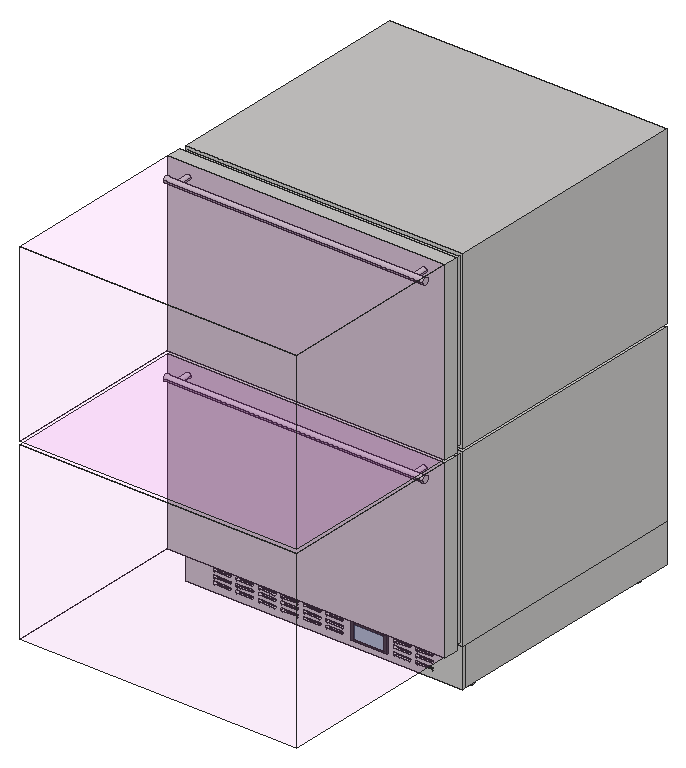
Revit family "QF_Summit_FF642D_Refrigerated Drawer", category Specialty Equipment, Revit 2020
Family settings
  Round Connector Dimension = Use Diameter
  Part Type = Normal
  Work Plane-Based = No
  Always vertical = Yes
  Cut with Voids When Loaded = No
  Shared = No
  Room Calculation Point = No
Parameters
  Weight in Pounds = 106
  Watts = Volts * FL Amps  # 92 W
  Volts = 115 V
  URL Cutsheet = ""
  Specification by User = ""
  Specification by Manufacturer = ""
  Show Door Clearance [instance] = yes
  Serial Number = ""
  Seismic Rating = ""
  SMACNA No = ""
  Revision Code = ""
  Phase = 1
  Number of Poles = 1
  NAFEM Spec ID Number = ""
  Model = "FF642D"
  Min Ckt Ampacity = 0 A
  Max Overcurrent Protection = 0 A
  Masterspec = ""
  Manufacturer = "Summit"
  Length = 23 5/8"
  Item Number = ""
  Installed By = ""
  Identify Quantity as Lot = yes
  Height = 34"
  HP = ""
  Furnished By = ""
  Foodservice Equipment Identifier = yes
  FL Amps = 0.8 A
  Electrical Remarks = ""
  Electric Connection Type = ""
  Elec Conn RI Height = 0"
  Elec Conn Connection Height = 0"
  Description = "Refrigerated Drawer"
  Depth = 23 5/8"
  Default Elevation = 0"
  Cycle = 60 Hz
  Conn Plug = ""
  Conn Conduit = yes
  CSI MasterFormat = ""
  Apparent Power = if(Phase = 3, Volts * FL Amps * 1.73, Volts * FL Amps)  # 92 VA
Reference planes (in)
  plane 1 "BACK": y = 0
  plane 2: z = 0
  plane 3 "LEFT": x = 0
  plane 4 "RIGHT": x = 23.625
  plane 5 "FRONT": y = -23.625
  plane 6 "TOP": z = 34
  plane 7 "Center Y": x = 11.8125
  plane 8 "Center X": y = -11.8125
  plane 9: y = -25
  plane 10: y = -21.75
  plane 11: y = -38.125
  plane 12: z = 19.125
  plane 13: y = -39.375
  plane 14: z = 18.875
  plane 15: z = 4
  plane 16: z = 0.75
Forms (in)
  Extrusion 1, solid, material "QF_Metal_Stainless_Polished"
    sketch origin (-2.86665, -180, 3.125) x (-1, 0, 0) y (0, -1, 0)
      loop
        line (-2.86665, -180) -> (-2.86665, -158.25) -> (-26.49165, -158.25) -> (-26.49165, -180) -> (-2.86665, -180)
    from 0.875 to 15.75
  Extrusion 2, solid, material "QF_Metal_Stainless_Polished"
    sketch origin (-3.88911, -21.875, 49.125) x (-1, 0, 0) y (0, 0, 1)
      loop
        line (-3.88911, -30.25) -> (-27.51411, -30.25) -> (-27.51411, -45.125) -> (-3.88911, -45.125) -> (-3.88911, -30.25)
    from -0.5 to -1.75
  Extrusion 3, solid, material "QF_Metal_Stainless_Polished"
    sketch origin (-3.88911, -22.375, 49.125) x (-1, 0, 0) y (0, 0, 1)
      loop
        line (-4.13911, -44.875) -> (-4.13911, -30.5) -> (-27.26411, -30.5) -> (-27.26411, -44.875) -> (-4.13911, -44.875)
    from 0 to 0.625
  Extrusion 4, solid, material "QF_Metal_Stainless_Polished"
    sketch origin (-3.88911, -23.625, 49.125) x (1, 0, 0) y (0, 0, 1)
      loop
        circle (5.63911, -31.25) r 0.20266
      loop
        circle (25.76411, -31.25) r 0.20266
    from 0 to 1.25652
  Extrusion 5, solid, material "QF_Metal_Stainless_Polished"
    sketch origin (0.75, -48.5863, 54.7271) x (0, -1, 0) y (0, 0, 1)
      loop
        circle (-23.8363, -36.8521) r 0.25
    from 0 to -22.125
  Extrusion 6, solid, material "QF_Metal_Stainless_Polished"
    sketch origin (15.02063, 0, 0.03626) x (1, 0, 0) y (0, 0, -1)
      loop
        circle (2.9375, -2.32704) r 0.25
    from 0 to 0.0625
  Extrusion 7, solid, material "QF_Clearances_Door_Drawer", visible <- "Show Door Clearance"
    sketch origin (-3.88911, -23.625, 49.125) x (1, 0, 0) y (0, 0, 1)
      loop
        line (3.88911, -30.25) -> (3.88911, -45.125) -> (27.51411, -45.125) -> (27.51411, -30.25) -> (3.88911, -30.25)
    from 0 to 15.75
  Extrusion 8, solid, material "QF_Metal_Stainless_Polished"
    sketch origin (0, 0, 1.125) x (1, 0, 0) y (0, 0, 1)
      loop
        line (0, 2.875) -> (0, -0.375) -> (23.625, -0.375) -> (23.625, 2.875) -> (0, 2.875)
    from 0 to 21.5
  Extrusion 9, solid, material "QF_Metal_Stainless_Polished"
    sketch origin (-3.88911, -21.75, 49.125) x (-1, 0, 0) y (0, 0, 1)
      loop
        line (-3.88911, -45.125) -> (-27.51411, -45.125) -> (-27.51411, -48.375) -> (-3.88911, -48.375) -> (-3.88911, -45.125)
      loop
        line (-14.11659, -45.50161) -> (-15.36992, -45.50161)
        arc (-15.36992, -45.50161) -> (-15.51831, -45.64999) -> (-15.36992, -45.79838) r 0.14838
        line (-15.36992, -45.79838) -> (-14.11659, -45.79838)
        arc (-14.11659, -45.79838) -> (-13.96821, -45.64999) -> (-14.11659, -45.50161) r 0.14838
      loop
        line (-14.11659, -46.00161) -> (-15.36992, -46.00161)
        arc (-15.36992, -46.00161) -> (-15.51831, -46.14999) -> (-15.36992, -46.29838) r 0.14838
        line (-15.36992, -46.29838) -> (-14.11659, -46.29838)
        arc (-14.11659, -46.29838) -> (-13.96821, -46.14999) -> (-14.11659, -46.00161) r 0.14838
      loop
        line (-14.11659, -46.50161) -> (-15.36992, -46.50161)
        arc (-15.36992, -46.50161) -> (-15.51831, -46.64999) -> (-15.36992, -46.79838) r 0.14838
        line (-15.36992, -46.79838) -> (-14.11659, -46.79838)
        arc (-14.11659, -46.79838) -> (-13.96821, -46.64999) -> (-14.11659, -46.50161) r 0.14838
      loop
        line (-14.11659, -47.00161) -> (-15.36992, -47.00161)
        arc (-15.36992, -47.00161) -> (-15.51831, -47.14999) -> (-15.36992, -47.29838) r 0.14838
        line (-15.36992, -47.29838) -> (-14.11659, -47.29838)
        arc (-14.11659, -47.29838) -> (-13.96821, -47.14999) -> (-14.11659, -47.00161) r 0.14838
      loop
        line (-14.11659, -47.50161) -> (-15.36992, -47.50161)
        arc (-15.36992, -47.50161) -> (-15.51831, -47.64999) -> (-15.36992, -47.79838) r 0.14838
        line (-15.36992, -47.79838) -> (-14.11659, -47.79838)
        arc (-14.11659, -47.79838) -> (-13.96821, -47.64999) -> (-14.11659, -47.50161) r 0.14838
      loop
        line (-12.19988, -45.50161) -> (-13.45322, -45.50161)
        arc (-13.45322, -45.50161) -> (-13.6016, -45.64999) -> (-13.45322, -45.79838) r 0.14838
        line (-13.45322, -45.79838) -> (-12.19988, -45.79838)
        arc (-12.19988, -45.79838) -> (-12.0515, -45.64999) -> (-12.19988, -45.50161) r 0.14838
      loop
        line (-12.19988, -46.00161) -> (-13.45322, -46.00161)
        arc (-13.45322, -46.00161) -> (-13.6016, -46.14999) -> (-13.45322, -46.29838) r 0.14838
        line (-13.45322, -46.29838) -> (-12.19988, -46.29838)
        arc (-12.19988, -46.29838) -> (-12.0515, -46.14999) -> (-12.19988, -46.00161) r 0.14838
      loop
        line (-12.19988, -46.50161) -> (-13.45322, -46.50161)
        arc (-13.45322, -46.50161) -> (-13.6016, -46.64999) -> (-13.45322, -46.79838) r 0.14838
        line (-13.45322, -46.79838) -> (-12.19988, -46.79838)
        arc (-12.19988, -46.79838) -> (-12.0515, -46.64999) -> (-12.19988, -46.50161) r 0.14838
      loop
        line (-12.19988, -47.00161) -> (-13.45322, -47.00161)
        arc (-13.45322, -47.00161) -> (-13.6016, -47.14999) -> (-13.45322, -47.29838) r 0.14838
        line (-13.45322, -47.29838) -> (-12.19988, -47.29838)
        arc (-12.19988, -47.29838) -> (-12.0515, -47.14999) -> (-12.19988, -47.00161) r 0.14838
      loop
        line (-12.19988, -47.50161) -> (-13.45322, -47.50161)
        arc (-13.45322, -47.50161) -> (-13.6016, -47.64999) -> (-13.45322, -47.79838) r 0.14838
        line (-13.45322, -47.79838) -> (-12.19988, -47.79838)
        arc (-12.19988, -47.79838) -> (-12.0515, -47.64999) -> (-12.19988, -47.50161) r 0.14838
      loop
        line (-10.28318, -45.50161) -> (-11.53651, -45.50161)
        arc (-11.53651, -45.50161) -> (-11.68489, -45.64999) -> (-11.53651, -45.79838) r 0.14838
        line (-11.53651, -45.79838) -> (-10.28318, -45.79838)
        arc (-10.28318, -45.79838) -> (-10.13479, -45.64999) -> (-10.28318, -45.50161) r 0.14838
      loop
        line (-10.28318, -46.00161) -> (-11.53651, -46.00161)
        arc (-11.53651, -46.00161) -> (-11.68489, -46.14999) -> (-11.53651, -46.29838) r 0.14838
        line (-11.53651, -46.29838) -> (-10.28318, -46.29838)
        arc (-10.28318, -46.29838) -> (-10.13479, -46.14999) -> (-10.28318, -46.00161) r 0.14838
      loop
        line (-10.28318, -46.50161) -> (-11.53651, -46.50161)
        arc (-11.53651, -46.50161) -> (-11.68489, -46.64999) -> (-11.53651, -46.79838) r 0.14838
        line (-11.53651, -46.79838) -> (-10.28318, -46.79838)
        arc (-10.28318, -46.79838) -> (-10.13479, -46.64999) -> (-10.28318, -46.50161) r 0.14838
      loop
        line (-10.28318, -47.00161) -> (-11.53651, -47.00161)
        arc (-11.53651, -47.00161) -> (-11.68489, -47.14999) -> (-11.53651, -47.29838) r 0.14838
        line (-11.53651, -47.29838) -> (-10.28318, -47.29838)
        arc (-10.28318, -47.29838) -> (-10.13479, -47.14999) -> (-10.28318, -47.00161) r 0.14838
      loop
        line (-10.28318, -47.50161) -> (-11.53651, -47.50161)
        arc (-11.53651, -47.50161) -> (-11.68489, -47.64999) -> (-11.53651, -47.79838) r 0.14838
        line (-11.53651, -47.79838) -> (-10.28318, -47.79838)
        arc (-10.28318, -47.79838) -> (-10.13479, -47.64999) -> (-10.28318, -47.50161) r 0.14838
      loop
        line (-8.36647, -45.50161) -> (-9.6198, -45.50161)
        arc (-9.6198, -45.50161) -> (-9.76819, -45.64999) -> (-9.6198, -45.79838) r 0.14838
        line (-9.6198, -45.79838) -> (-8.36647, -45.79838)
        arc (-8.36647, -45.79838) -> (-8.21809, -45.64999) -> (-8.36647, -45.50161) r 0.14838
      loop
        line (-8.36647, -46.00161) -> (-9.6198, -46.00161)
        arc (-9.6198, -46.00161) -> (-9.76819, -46.14999) -> (-9.6198, -46.29838) r 0.14838
        line (-9.6198, -46.29838) -> (-8.36647, -46.29838)
        arc (-8.36647, -46.29838) -> (-8.21809, -46.14999) -> (-8.36647, -46.00161) r 0.14838
      loop
        line (-8.36647, -46.50161) -> (-9.6198, -46.50161)
        arc (-9.6198, -46.50161) -> (-9.76819, -46.64999) -> (-9.6198, -46.79838) r 0.14838
        line (-9.6198, -46.79838) -> (-8.36647, -46.79838)
        arc (-8.36647, -46.79838) -> (-8.21809, -46.64999) -> (-8.36647, -46.50161) r 0.14838
      loop
        line (-8.36647, -47.00161) -> (-9.6198, -47.00161)
        arc (-9.6198, -47.00161) -> (-9.76819, -47.14999) -> (-9.6198, -47.29838) r 0.14838
        line (-9.6198, -47.29838) -> (-8.36647, -47.29838)
        arc (-8.36647, -47.29838) -> (-8.21809, -47.14999) -> (-8.36647, -47.00161) r 0.14838
      loop
        line (-8.36647, -47.50161) -> (-9.6198, -47.50161)
        arc (-9.6198, -47.50161) -> (-9.76819, -47.64999) -> (-9.6198, -47.79838) r 0.14838
        line (-9.6198, -47.79838) -> (-8.36647, -47.79838)
        arc (-8.36647, -47.79838) -> (-8.21809, -47.64999) -> (-8.36647, -47.50161) r 0.14838
      loop
        line (-6.44977, -45.50161) -> (-7.7031, -45.50161)
        arc (-7.7031, -45.50161) -> (-7.85148, -45.64999) -> (-7.7031, -45.79838) r 0.14838
        line (-7.7031, -45.79838) -> (-6.44977, -45.79838)
        arc (-6.44977, -45.79838) -> (-6.30138, -45.64999) -> (-6.44977, -45.50161) r 0.14838
      loop
        line (-6.44977, -46.00161) -> (-7.7031, -46.00161)
        arc (-7.7031, -46.00161) -> (-7.85148, -46.14999) -> (-7.7031, -46.29838) r 0.14838
        line (-7.7031, -46.29838) -> (-6.44977, -46.29838)
        arc (-6.44977, -46.29838) -> (-6.30138, -46.14999) -> (-6.44977, -46.00161) r 0.14838
      loop
        line (-6.44977, -46.50161) -> (-7.7031, -46.50161)
        arc (-7.7031, -46.50161) -> (-7.85148, -46.64999) -> (-7.7031, -46.79838) r 0.14838
        line (-7.7031, -46.79838) -> (-6.44977, -46.79838)
        arc (-6.44977, -46.79838) -> (-6.30138, -46.64999) -> (-6.44977, -46.50161) r 0.14838
      loop
        line (-6.44977, -47.00161) -> (-7.7031, -47.00161)
        arc (-7.7031, -47.00161) -> (-7.85148, -47.14999) -> (-7.7031, -47.29838) r 0.14838
        line (-7.7031, -47.29838) -> (-6.44977, -47.29838)
        arc (-6.44977, -47.29838) -> (-6.30138, -47.14999) -> (-6.44977, -47.00161) r 0.14838
      loop
        line (-6.44977, -47.50161) -> (-7.7031, -47.50161)
        arc (-7.7031, -47.50161) -> (-7.85148, -47.64999) -> (-7.7031, -47.79838) r 0.14838
        line (-7.7031, -47.79838) -> (-6.44977, -47.79838)
        arc (-6.44977, -47.79838) -> (-6.30138, -47.64999) -> (-6.44977, -47.50161) r 0.14838
      loop
        arc (-23.03675, -45.50161) -> (-23.18513, -45.64999) -> (-23.03675, -45.79838) r 0.14838
        line (-23.03675, -45.79838) -> (-21.78342, -45.79838)
        arc (-21.78342, -45.79838) -> (-21.63503, -45.64999) -> (-21.78342, -45.50161) r 0.14838
        line (-21.78342, -45.50161) -> (-23.03675, -45.50161)
      loop
        arc (-23.03675, -46.00161) -> (-23.18513, -46.14999) -> (-23.03675, -46.29838) r 0.14838
        line (-23.03675, -46.29838) -> (-21.78342, -46.29838)
        arc (-21.78342, -46.29838) -> (-21.63503, -46.14999) -> (-21.78342, -46.00161) r 0.14838
        line (-21.78342, -46.00161) -> (-23.03675, -46.00161)
      loop
        arc (-23.03675, -46.50161) -> (-23.18513, -46.64999) -> (-23.03675, -46.79838) r 0.14838
        line (-23.03675, -46.79838) -> (-21.78342, -46.79838)
        arc (-21.78342, -46.79838) -> (-21.63503, -46.64999) -> (-21.78342, -46.50161) r 0.14838
        line (-21.78342, -46.50161) -> (-23.03675, -46.50161)
      loop
        arc (-23.03675, -47.00161) -> (-23.18513, -47.14999) -> (-23.03675, -47.29838) r 0.14838
        line (-23.03675, -47.29838) -> (-21.78342, -47.29838)
        arc (-21.78342, -47.29838) -> (-21.63503, -47.14999) -> (-21.78342, -47.00161) r 0.14838
        line (-21.78342, -47.00161) -> (-23.03675, -47.00161)
      loop
        arc (-23.03675, -47.50161) -> (-23.18513, -47.64999) -> (-23.03675, -47.79838) r 0.14838
        line (-23.03675, -47.79838) -> (-21.78342, -47.79838)
        arc (-21.78342, -47.79838) -> (-21.63503, -47.64999) -> (-21.78342, -47.50161) r 0.14838
        line (-21.78342, -47.50161) -> (-23.03675, -47.50161)
      loop
        arc (-24.95345, -45.50161) -> (-25.10184, -45.64999) -> (-24.95345, -45.79838) r 0.14838
        line (-24.95345, -45.79838) -> (-23.70012, -45.79838)
        arc (-23.70012, -45.79838) -> (-23.55174, -45.64999) -> (-23.70012, -45.50161) r 0.14838
        line (-23.70012, -45.50161) -> (-24.95345, -45.50161)
      loop
        arc (-24.95345, -46.00161) -> (-25.10184, -46.14999) -> (-24.95345, -46.29838) r 0.14838
        line (-24.95345, -46.29838) -> (-23.70012, -46.29838)
        arc (-23.70012, -46.29838) -> (-23.55174, -46.14999) -> (-23.70012, -46.00161) r 0.14838
        line (-23.70012, -46.00161) -> (-24.95345, -46.00161)
      loop
        arc (-24.95345, -46.50161) -> (-25.10184, -46.64999) -> (-24.95345, -46.79838) r 0.14838
        line (-24.95345, -46.79838) -> (-23.70012, -46.79838)
        arc (-23.70012, -46.79838) -> (-23.55174, -46.64999) -> (-23.70012, -46.50161) r 0.14838
        line (-23.70012, -46.50161) -> (-24.95345, -46.50161)
      loop
        arc (-24.95345, -47.00161) -> (-25.10184, -47.14999) -> (-24.95345, -47.29838) r 0.14838
        line (-24.95345, -47.29838) -> (-23.70012, -47.29838)
        arc (-23.70012, -47.29838) -> (-23.55174, -47.14999) -> (-23.70012, -47.00161) r 0.14838
        line (-23.70012, -47.00161) -> (-24.95345, -47.00161)
      loop
        arc (-24.95345, -47.50161) -> (-25.10184, -47.64999) -> (-24.95345, -47.79838) r 0.14838
        line (-24.95345, -47.79838) -> (-23.70012, -47.79838)
        arc (-23.70012, -47.79838) -> (-23.55174, -47.64999) -> (-23.70012, -47.50161) r 0.14838
        line (-23.70012, -47.50161) -> (-24.95345, -47.50161)
      loop
        arc (-17.28663, -45.50161) -> (-17.43501, -45.64999) -> (-17.28663, -45.79838) r 0.14838
        line (-17.28663, -45.79838) -> (-16.0333, -45.79838)
        arc (-16.0333, -45.79838) -> (-15.88491, -45.64999) -> (-16.0333, -45.50161) r 0.14838
        line (-16.0333, -45.50161) -> (-17.28663, -45.50161)
      loop
        arc (-17.28663, -46.00161) -> (-17.43501, -46.14999) -> (-17.28663, -46.29838) r 0.14838
        line (-17.28663, -46.29838) -> (-16.0333, -46.29838)
        arc (-16.0333, -46.29838) -> (-15.88491, -46.14999) -> (-16.0333, -46.00161) r 0.14838
        line (-16.0333, -46.00161) -> (-17.28663, -46.00161)
      loop
        arc (-17.28663, -46.50161) -> (-17.43501, -46.64999) -> (-17.28663, -46.79838) r 0.14838
        line (-17.28663, -46.79838) -> (-16.0333, -46.79838)
        arc (-16.0333, -46.79838) -> (-15.88491, -46.64999) -> (-16.0333, -46.50161) r 0.14838
        line (-16.0333, -46.50161) -> (-17.28663, -46.50161)
      loop
        arc (-17.28663, -47.00161) -> (-17.43501, -47.14999) -> (-17.28663, -47.29838) r 0.14838
        line (-17.28663, -47.29838) -> (-16.0333, -47.29838)
        arc (-16.0333, -47.29838) -> (-15.88491, -47.14999) -> (-16.0333, -47.00161) r 0.14838
        line (-16.0333, -47.00161) -> (-17.28663, -47.00161)
      loop
        arc (-17.28663, -47.50161) -> (-17.43501, -47.64999) -> (-17.28663, -47.79838) r 0.14838
        line (-17.28663, -47.79838) -> (-16.0333, -47.79838)
        arc (-16.0333, -47.79838) -> (-15.88491, -47.64999) -> (-16.0333, -47.50161) r 0.14838
        line (-16.0333, -47.50161) -> (-17.28663, -47.50161)
    from 0 to 0.25
  Revolve 10, solid, material "QF_Metal_Stainless_Polished"
    sketch origin (0, -2, 0.25) x (1, 0, 0) y (0, 0, 1)
      loop
        line (0.75, -0.25) -> (1.5, -0.25) -> (1.5, 0.5) -> (1.25, 0.5) -> (1.25, 0.25) -> (0.75, 0.25) -> (0.75, -0.25)
      axis (1.5, 0.5) -> (1.5, -0.25)
    angle from 0 to 360
  Revolve 11, solid, material "QF_Metal_Stainless_Polished"
    sketch origin (0, -19.75, 0) x (1, 0, 0) y (0, 0, 1)
      loop
        line (0.75, 0) -> (1.5, 0) -> (1.5, 0.75) -> (1.25, 0.75) -> (1.25, 0.5) -> (0.75, 0.5) -> (0.75, 0)
      axis (1.5, 0.75) -> (1.5, 0)
    angle from 0 to 360
  Revolve 12, solid, material "QF_Metal_Stainless_Polished"
    sketch origin (23.625, -2, 0.25) x (-1, 0, 0) y (0, 0, -1)
      loop
        line (0.75, 0.25) -> (0.75, -0.25) -> (1.25, -0.25) -> (1.25, -0.5) -> (1.5, -0.5) -> (1.5, 0.25) -> (0.75, 0.25)
      axis (1.5, -0.5) -> (1.5, 0.25)
    angle from 0 to 360
  Revolve 13, solid, material "QF_Metal_Stainless_Polished"
    sketch origin (23.625, -19.75, 0) x (-1, 0, 0) y (0, 0, -1)
      loop
        line (0.75, 0) -> (0.75, -0.5) -> (1.25, -0.5) -> (1.25, -0.75) -> (1.5, -0.75) -> (1.5, 0) -> (0.75, 0)
      axis (1.5, -0.75) -> (1.5, 0)
    angle from 0 to 360
  Extrusion 14, solid, material "QF_Metallic_Paint_Black_Smooth"
    sketch origin (-3.88911, -21.75, 49.125) x (1, 0, 0) y (0, 0, 1)
      loop
        line (18.02034, -46.47749) -> (18.02034, -47.91469) -> (21.11945, -47.91469) -> (21.11945, -46.47749) -> (18.02034, -46.47749)
      loop
        line (18.27034, -47.78969) -> (20.86945, -47.78969) -> (20.86945, -46.60249) -> (18.27034, -46.60249) -> (18.27034, -47.78969)
    from 0 to 0.03125
  Extrusion 15, solid, material "Glass"
    sketch origin (-3.88911, -21.75, 49.125) x (1, 0, 0) y (0, 0, 1)
      loop
        line (18.27034, -46.60249) -> (18.27034, -47.78969) -> (20.86945, -47.78969) -> (20.86945, -46.60249) -> (18.27034, -46.60249)
    from 0 to 0.03125
  Extrusion 16, solid, material "QF_Metal_Stainless_Polished"
    sketch origin (-2.86665, -180, 18.25) x (-1, 0, 0) y (0, -1, 0)
      loop
        line (-2.86665, -180) -> (-2.86665, -158.25) -> (-26.49165, -158.25) -> (-26.49165, -180) -> (-2.86665, -180)
    from 0.875 to 15.75
  Extrusion 17, solid, material "QF_Metal_Stainless_Polished"
    sketch origin (-3.88911, -21.875, 64.25) x (-1, 0, 0) y (0, 0, 1)
      loop
        line (-3.88911, -30.25) -> (-27.51411, -30.25) -> (-27.51411, -45.125) -> (-3.88911, -45.125) -> (-3.88911, -30.25)
    from -0.5 to -1.75
  Extrusion 18, solid, material "QF_Metal_Stainless_Polished"
    sketch origin (-3.88911, -22.375, 64.25) x (-1, 0, 0) y (0, 0, 1)
      loop
        line (-4.13911, -44.875) -> (-4.13911, -30.5) -> (-27.26411, -30.5) -> (-27.26411, -44.875) -> (-4.13911, -44.875)
    from 0 to 0.625
  Extrusion 19, solid, material "QF_Metal_Stainless_Polished"
    sketch origin (-3.88911, -23.625, 64.25) x (1, 0, 0) y (0, 0, 1)
      loop
        circle (5.63911, -31.25) r 0.20266
      loop
        circle (25.76411, -31.25) r 0.20266
    from 0 to 1.25652
  Extrusion 20, solid, material "QF_Metal_Stainless_Polished"
    sketch origin (0.75, -48.5863, 69.8521) x (0, -1, 0) y (0, 0, 1)
      loop
        circle (-23.8363, -36.8521) r 0.25
    from 0 to -22.125
  Extrusion 21, solid, material "QF_Clearances_Door_Drawer", visible <- "Show Door Clearance"
    sketch origin (-3.88911, -23.625, 64.25) x (1, 0, 0) y (0, 0, 1)
      loop
        line (3.88911, -30.25) -> (3.88911, -45.125) -> (27.51411, -45.125) -> (27.51411, -30.25) -> (3.88911, -30.25)
    from 0 to 15.75
  Extrusion 22, solid, material "QF_Metal_Stainless_Polished"
    sketch origin (-7.96195, -180, 18.875) x (-1, 0, 0) y (0, -1, 0)
      loop
        circle (-9.46195, -178) r 0.75
      loop
        circle (-9.46195, -160.25) r 0.75
      loop
        circle (-30.08695, -178) r 0.75
      loop
        circle (-30.08695, -160.25) r 0.75
    from 0 to 0.25
Cuts and joins
  joined: Extrusion 19, Extrusion 20
  joined: Extrusion 4, Extrusion 5
Lines and regions (in)
  symbolic lines
    curve 1: line (0.75, -25, 0) -> (22.875, -25, 0)
    curve 2: line (22.875, -25, 0) -> (22.875, -24.5, 0)
    curve 3: line (22.875, -24.5, 0) -> (22.07766, -24.5, 0)
    curve 4: line (0.75, -24.5, 0) -> (0.75, -25, 0)
    curve 5: line (1.54734, -23.625, 0) -> (1.54734, -24.5, 0)
    curve 6: line (1.95266, -23.625, 0) -> (1.95266, -24.5, 0)
    curve 7: line (1.54734, -24.5, 0) -> (0.75, -24.5, 0)
    curve 8: arc (1.54734, -24.5, 0) -> (1.75, -24.60349, 0) -> (1.95266, -24.5, 0) r 0.25017
    curve 9: line (21.67234, -23.625, 0) -> (21.67234, -24.5, 0)
    curve 10: line (22.07766, -23.625, 0) -> (22.07766, -24.5, 0)
    curve 11: arc (21.67234, -24.5, 0) -> (21.875, -24.60349, 0) -> (22.07766, -24.5, 0) r 0.25017
    curve 12: line (21.67234, -24.5, 0) -> (1.95266, -24.5, 0)
    curve 13: line (0, -23.625, 0) -> (23.625, -23.625, 0)
    curve 14: line (23.625, -23.625, 0) -> (23.625, -22.375, 0)
    curve 15: line (23.625, -22.375, 0) -> (0, -22.375, 0)
    curve 16: line (0, -22.375, 0) -> (0, -23.625, 0)
    curve 17: line (0.25, -22.375, 0) -> (0.25, -21.75, 0)
    curve 18: line (23.375, -22.375, 0) -> (23.375, -21.75, 0)
    curve 19: line (23.625, -21.75, 0) -> (0, -21.75, 0)
    curve 20: line (23.625, 0, 0) -> (23.625, -21.75, 0)
    curve 21: line (0, 0, 0) -> (23.625, 0, 0)
    curve 22: line (0, -21.75, 0) -> (0, 0, 0)
  symbolic lines, style "QF_Clearances_Door_Drawer", visible <- "Show Door Clearance"
    curve 23: line (0, -23.625, 0) -> (0, -39.375, 0)
    curve 24: line (0, -39.375, 0) -> (23.625, -39.375, 0)
    curve 25: line (23.625, -39.375, 0) -> (23.625, -23.625, 0)
Dimensions and locks (in)
  equal spacing: plane 3 "LEFT", plane 7 "Center Y", plane 4 "RIGHT"
  "Length": plane 3 "LEFT" to plane 4 "RIGHT"
  equal spacing: plane 5 "FRONT", plane 8 "Center X", plane 1 "BACK"
  "Depth": plane 5 "FRONT" to plane 1 "BACK"
  "Height": plane 6 "TOP" to level
  plane 5 "FRONT" to plane 9 = 1 3/8"
  plane 1 "BACK" to plane 10 = 21 3/4"
  plane 6 "TOP" to plane 12 = 14 7/8"
  plane 13 to plane 1 "BACK" = 39 3/8"
  plane 10 to plane 11 = 16 3/8"
  plane 16 to plane 2 = 3/4"
  plane 15 to plane 16 = 3 1/4"
  plane 14 to plane 15 = 14 7/8"
  aligned and locked: level to plane 2
Automatic sketch dimensions
  plane 1 "BACK" to Extrusion 1 sketch curve = 0"
  Extrusion 1 sketch curve to plane 4 "RIGHT" = 0"
  Extrusion 1 sketch curve to plane 3 "LEFT" = 0"
  Extrusion 1 sketch curve to plane 10 = 0"
  plane 4 "RIGHT" to Extrusion 2 sketch curve = 0"
  Extrusion 2 sketch curve to plane 3 "LEFT" = 0"
  Extrusion 2 sketch curve to plane 15 = 0"
  Extrusion 2 sketch curve to plane 14 = 0"
  Extrusion 3 sketch curve to Extrusion 2 = 1/4"  (x4)
  Extrusion 4 sketch curve to Extrusion 2 = 1 3/4"  (x2)
  Extrusion 4 sketch curve to Extrusion 2 = 1"  (x2)
  plane 9 to Extrusion 5 sketch curve = 1/4"
  Extrusion 5 sketch curve to plane 14 = 1"
  plane 16 to Extrusion 6 sketch curve = 1 157/256"
  plane 4 "RIGHT" to Extrusion 6 sketch curve = 5.66687"
  Extrusion 2 to Extrusion 7 sketch curve = 0"
  Extrusion 7 sketch curve to Extrusion 2 = 0"  (x3)
  Extrusion 8 sketch curve to plane 3 "LEFT" = 0"
  plane 4 "RIGHT" to Extrusion 8 sketch curve = 0"
  Extrusion 8 sketch curve to plane 16 = 0"
  Extrusion 8 sketch curve to plane 15 = 0"
  plane 4 "RIGHT" to Extrusion 9 sketch curve = 0"
  Extrusion 9 sketch curve to plane 3 "LEFT" = 0"
  Extrusion 9 sketch curve to plane 16 = 0"
  Extrusion 9 sketch curve to plane 15 = 0"
  Extrusion 9 sketch curve to plane 15 = 0.52499"
  plane 4 "RIGHT" to Extrusion 9 sketch curve = 2.56066"
  plane 16 to Extrusion 9 sketch curve = 0.72501"  (x2)
  Extrusion 9 sketch curve to Extrusion 9 sketch curve = 0"  (x55)
  Extrusion 9 sketch curve to Extrusion 9 sketch curve = 1.25333"  (x7)
  Extrusion 9 sketch curve to plane 15 = 0.37661"  (x4)
  Extrusion 9 sketch curve to Extrusion 9 sketch curve = 0.66338"  (x8)
  plane 7 "Center Y" to Extrusion 9 sketch curve = 1.58502"  (x2)
  plane 7 "Center Y" to Extrusion 9 sketch curve = 0.33169"  (x3)
  Extrusion 9 sketch curve to plane 7 "Center Y" = 0.33169"  (x4)
  Extrusion 9 sketch curve to plane 15 = 0.67338"
  Extrusion 9 sketch curve to Extrusion 9 sketch curve = 0.14838"  (x36)
  plane 16 to Extrusion 9 sketch curve = 0.57662"  (x6)
  Extrusion 9 sketch curve to Extrusion 9 sketch curve = 0.20323"  (x30)
  Revolve 10 sketch curve to level = 0"
  Revolve 10 sketch curve to plane 16 = 0"
  Revolve 10 sketch curve to plane 16 = 1/4"
  plane 3 "LEFT" to Revolve 10 sketch curve = 3/4"
  Revolve 10 sketch curve to Revolve 10 sketch curve = 1/2"
  Revolve 10 sketch curve to Revolve 10 sketch curve = 1/4"
  Revolve 10 sketch curve to Revolve 10 sketch curve = 0"
  Revolve 10 sketch curve to level = 0.46349"
  Revolve 10 sketch curve to Revolve 10 sketch curve = 0.03651"
  Revolve 11 sketch curve to level = 0"  (x2)
  Revolve 11 sketch curve to plane 16 = 0"
  Revolve 11 sketch curve to plane 16 = 1/4"
  plane 3 "LEFT" to Revolve 11 sketch curve = 3/4"
  Revolve 11 sketch curve to Revolve 11 sketch curve = 1/2"
  Revolve 11 sketch curve to Revolve 11 sketch curve = 1/4"
  Revolve 11 sketch curve to Revolve 11 sketch curve = 0"
  Revolve 11 sketch curve to level = 1/2"
  Revolve 12 sketch curve to level = 0"
  Revolve 12 sketch curve to plane 16 = 0"
  Revolve 12 sketch curve to plane 16 = 1/4"
  plane 4 "RIGHT" to Revolve 12 sketch curve = 3/4"
  Revolve 12 sketch curve to Revolve 12 sketch curve = 1/2"
  Revolve 12 sketch curve to Revolve 12 sketch curve = 1/4"
  Revolve 12 sketch curve to Revolve 12 sketch curve = 0"
  Revolve 12 sketch curve to Revolve 12 sketch curve = 0.03651"
  Revolve 12 sketch curve to level = 0.46349"
  Revolve 13 sketch curve to level = 0"  (x2)
  Revolve 13 sketch curve to plane 16 = 0"
  Revolve 13 sketch curve to plane 16 = 1/4"
  plane 4 "RIGHT" to Revolve 13 sketch curve = 3/4"
  Revolve 13 sketch curve to Revolve 13 sketch curve = 1/2"  (x2)
  Revolve 13 sketch curve to Revolve 13 sketch curve = 1/4"
  Revolve 13 sketch curve to Revolve 13 sketch curve = 0"
  Extrusion 14 sketch curve to Extrusion 9 = 0.11632"
  Extrusion 14 sketch curve to Extrusion 9 = 9.49377"
  Extrusion 9 to Extrusion 14 sketch curve = 0.10088"
  Extrusion 14 sketch curve to Extrusion 14 sketch curve = 1/4"  (x2)
  Extrusion 9 to Extrusion 14 sketch curve = 0.00868"
  Extrusion 14 sketch curve to Extrusion 14 sketch curve = 2.5991"
  Extrusion 14 sketch curve to Extrusion 9 = 0.02412"
  Extrusion 9 to Extrusion 15 sketch curve = 0.00868"
  Extrusion 15 sketch curve to Extrusion 9 = 9.24377"
  Extrusion 15 sketch curve to Extrusion 15 sketch curve = 2.5991"
  Extrusion 9 to Extrusion 15 sketch curve = 0.10088"
  plane 1 "BACK" to Extrusion 16 sketch curve = 0"
  Extrusion 16 sketch curve to plane 4 "RIGHT" = 0"
  Extrusion 16 sketch curve to plane 3 "LEFT" = 0"
  Extrusion 16 sketch curve to plane 10 = 0"
  plane 4 "RIGHT" to Extrusion 17 sketch curve = 0"
  Extrusion 17 sketch curve to plane 3 "LEFT" = 0"
  Extrusion 17 sketch curve to plane 12 = 0"
  Extrusion 17 sketch curve to plane 6 "TOP" = 0"
  Extrusion 18 sketch curve to Extrusion 17 = 1/4"  (x4)
  Extrusion 19 sketch curve to Extrusion 17 = 1 3/4"  (x2)
  Extrusion 19 sketch curve to Extrusion 17 = 1"  (x2)
  plane 9 to Extrusion 20 sketch curve = 1/4"
  Extrusion 20 sketch curve to plane 6 "TOP" = 1"
  Extrusion 17 to Extrusion 21 sketch curve = 0"
  Extrusion 21 sketch curve to Extrusion 17 = 0"  (x3)
  plane 4 "RIGHT" to Extrusion 22 sketch curve = 1 1/2"  (x2)
  plane 3 "LEFT" to Extrusion 22 sketch curve = 1 1/2"  (x2)
  plane 1 "BACK" to Extrusion 22 sketch curve = 2"  (x2)
  plane 10 to Extrusion 22 sketch curve = 2"  (x2)
  curve 13 to plane 3 "LEFT" = 0"
  plane 1 "BACK" to curve 22 = 0"
  curve 22 to plane 3 "LEFT" = 0"
  curve 17 to plane 10 = 0"
  curve 4 to plane 9 = 0"
  curve 20 to plane 4 "RIGHT" = 0"
  curve 13 to plane 4 "RIGHT" = 0"
  curve 24 to plane 13 = 0"
  plane 5 "FRONT" to curve 25 = 0"
  plane 9 to curve 4 = 1/2"
  plane 3 "LEFT" to curve 4 = 3/4"
  curve 4 to curve 7 = 0.79734"
  curve 8 to curve 8 = 0.20266"
  curve 8 to curve 6 = 0.20266"
  plane 4 "RIGHT" to curve 9 = 1.95266"
  curve 11 to curve 11 = 0.20266"
  curve 11 to curve 3 = 0.20266"
  plane 4 "RIGHT" to curve 3 = 3/4"
  curve 8 to curve 8 = 0.14668"
  curve 11 to curve 11 = 0.14668"
  curve 15 to curve 19 = 5/8"
  plane 3 "LEFT" to curve 17 = 1/4"
  plane 4 "RIGHT" to curve 18 = 1/4"
  radius of Extrusion 4 sketch curve = 0.20266"  (x2)
  radius of Extrusion 5 sketch curve = 1/4"
  radius of Extrusion 6 sketch curve = 1/4"
  radius of Extrusion 19 sketch curve = 0.20266"  (x2)
  radius of Extrusion 20 sketch curve = 1/4"
  radius of Extrusion 22 sketch curve = 3/4"  (x4)
Connectors (in)
  electrical at (17.95813, 0.0625, 2.3633), driven by "Volts", driven by "Watts"
    settings: on Extrusion 6, index 2, voltage 115 V, apparent load 92 VA, apparent load phase1 0 VA, apparent load phase2 0 VA, apparent load phase3 0 VA, power factor 1, load classification "Other", number of poles 1, system type 30, power factor state 1, is connector primary yes, connector utility no, sub classification motor no, connector description "Electrical Connection"
